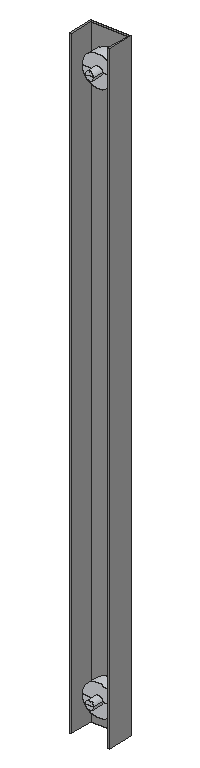
Revit family "НЕВАТОМ_Виброопора VR-KP, Версия 1", category Оборудование, Revit 2017
Family settings
  Размер круглого соединителя = Использовать диаметр
  Тип детали = Нормальный
  На основе рабочей плоскости = Нет
  Всегда вертикально = Да
  При загрузке вырезать с полостями = Нет
  Общий = Нет
  Точка расчета площади = Нет
Parameters (values of type "Виброопора VR-KP")
  Материал = Сталь оцинкованная
  Виброопора = "НЕВАТОМ_Виброопора VR-KP"  # constant formula
  t = 2 mm
  h1 = 0 mm
  h = 0 mm
  d1 = size_lookup(Виброопора, "d1", 30 mm, VRKP)  # 30 mm
  VRKP = 250 mm
  LV_2 = L1 / 2  # 270 mm
  LV_1 = 13 mm
  L1 = size_lookup(Виброопора, "L1", 540 mm, VRKP)  # 540 mm
  L = size_lookup(Виброопора, "L", 600 mm, VRKP)  # 600 mm
  Db = 9 mm
  B1 = size_lookup(Виброопора, "B1", 35 mm, VRKP)  # 35 mm
  B = size_lookup(Виброопора, "B", 39 mm, VRKP)  # 39 mm
  ADSK_Примечание = ""
  ADSK_Обозначение = ""
  ADSK_Наименование = size_lookup(Виброопора, "", "Виброопора VR-KP-250/280", VRKP)  # "Виброопора VR-KP-250/280"
  ADSK_Масса = size_lookup(Виброопора, "M", 0.93, VRKP)  # 0.93
  ADSK_Марка = ""
  ADSK_Количество = 1
  ADSK_Код изделия = ""
  ADSK_Завод-изготовитель = "НЕВАТОМ"
  ADSK_Единица измерения = "шт."
  A1 = size_lookup(Виброопора, "A1", 23 mm, VRKP)  # 23 mm
  A = size_lookup(Виброопора, "A", 25 mm, VRKP)  # 25 mm
Reference planes
  plane 1 "По центру (Вперед/Назад)": y = 0
  plane 2: z = 0
  plane 3 "По центру (Влево/Вправо)": x = 0
  plane 4: x = -19.5
  plane 5: x = 19.5
  plane 6: z = 300
  plane 7: z = -300
  plane 8: x = 17.5
  plane 9: x = -17.5
  plane 10: y = -1.975
  plane 11: y = -25
  plane 12: y = -13.488
Forms (mm)
  Extrusion 1, solid, material "Сталь оцинкованная" <- "Материал"
    sketch origin (0, 0, 0) x (1, 0, 0) y (0, 0, 1)
      loop
        line (19.5, 300) -> (-19.5, 300) -> (-19.5, -300) -> (19.5, -300) -> (19.5, 300)
    from 0 to 25 <- "A"
  Extrusion 2, void
    sketch origin (0, 0, 0) x (1, 0, 0) y (0, 0, 1)
      loop
        circle (0, 270) r 4.5
      loop
        circle (0, -270) r 4.5
    from 0 to 250
  Extrusion 3, void
    sketch origin (0, 0, 0) x (1, 0, 0) y (0, 1, 0)
      loop
        line (-17.5, -25) -> (17.5, -25) -> (17.5, -1.975) -> (-17.5, -1.975) -> (-17.5, -25)
    from -300 to 300
Cuts and joins
  Extrusion 2, Extrusion 3 cuts Extrusion 1
Lines and regions (mm)
  reference lines
    curve 1: line (-19.5, 0, -300) -> (-19.5, 0, 300)
    curve 2: line (19.5, 0, -300) -> (19.5, 0, 300)
    curve 3: line (19.5, 0, -300) -> (-19.5, 0, -300)
    curve 4: line (19.5, 0, 300) -> (-19.5, 0, 300)
Dimensions and locks
  equal spacing: plane 7, level, plane 6
  "L": plane 7 to plane 6
  equal spacing: plane 4, plane 3 "По центру (Влево/Вправо)", plane 5
  "B": plane 4 to plane 5
  equal spacing: Extrusion 2 sketch curve, level, Extrusion 2 sketch curve
  "L1": Extrusion 2 sketch curve to Extrusion 2 sketch curve
  equal spacing: plane 9, plane 3 "По центру (Влево/Вправо)", plane 8
  "B1": plane 9 to plane 8
  equal spacing: plane 10, plane 12, plane 11
  plane 10 to plane 11 = 23.025 mm
  equal spacing: nested 2, level, nested 1
  "Db": diameter of Extrusion 2 sketch curve  (x2)
  aligned and locked: level to plane 2
  aligned and locked: plane 6 to curve 4
  aligned and locked: plane 4 to curve 1
  aligned and locked: plane 5 to curve 2
  aligned and locked: plane 7 to curve 3
  aligned and locked: Extrusion 1 sketch curve to curve 4
  aligned and locked: Extrusion 1 sketch curve to curve 2
  aligned and locked: Extrusion 1 sketch curve to curve 3
  aligned and locked: Extrusion 1 sketch curve to curve 1
  aligned and locked: plane 10 to Extrusion 3 sketch curve
  aligned and locked: plane 9 to Extrusion 3 sketch curve
  aligned and locked: plane 8 to Extrusion 3 sketch curve
  aligned and locked: plane 11 to cut or joined group of Extrusion 1, Extrusion 2, Extrusion 3
  aligned and locked: Extrusion 1 to Extrusion 3
  aligned and locked: Extrusion 3 to curve 1  (x2)
  aligned and locked: nested 1 to cut or joined group of Extrusion 1, Extrusion 2, Extrusion 3
Automatic sketch dimensions
  Extrusion 2 sketch curve to plane 3 "По центру (Влево/Вправо)" = 0 mm  (x2)
  Extrusion 3 sketch curve to plane 11 = 0 mm
Nested families
  nested 1: "НЕВАТОМ_Виброизолятор, Версия 1" at (0, -15, 270), built-in parameter 1001364 <- "LV_2", type "НЕВАТОМ_Виброизолятор, Версия 1"
  nested 2: "НЕВАТОМ_Виброизолятор, Версия 1" at (0, -15, -270), type "НЕВАТОМ_Виброизолятор, Версия 1"
Definition of nested family "НЕВАТОМ_Виброизолятор, Версия 1"
  Reference planes
    plane 1 "По центру (Вперед/Назад)": y = 0
    plane 2: z = 0
    plane 3 "По центру (Влево/Вправо)": x = 0
  Forms (mm)
    Revolve 1, solid
      sketch origin (0, 0, 0) x (1, 0, 0) y (0, 1, 0)
        loop
          line (-0.002, -10) -> (-0.002, 25.704) -> (-2.298, 25.704) -> (-2.298, 21.742) -> (-4.813, 21.742) -> (-4.813, 18.772) -> (-4.005, 17.964) -> (-4.005, 16.003) -> (-6.003, 16.003) -> (-6.003, 15) -> (-15, 15) -> (-15, 0) -> (-4.005, 0) -> (-4.005, -10) -> (-0.002, -10)
        axis (0, 25.704) -> (0, -10)
      angle from 0 to 360
  Lines and regions (mm)
    reference lines
      curve 1: line (0, 0, 0) -> (-15, 0, 0)
      curve 2: line (-15, 0, 0) -> (-15, 15, 0)
      curve 3: line (-15, 15, 0) -> (15, 15, 0)
      curve 4: line (15, 15, 0) -> (15, 0, 0)
      curve 5: line (15, 0, 0) -> (0, 0, 0)
      curve 6: line (-4.005, 0, 0) -> (-4.005, -10, 0)
      curve 7: line (-4.005, -10, 0) -> (3.969, -10, 0)
      curve 8: line (3.969, -10, 0) -> (3.969, 0, 0)
      curve 9: line (-6.003, 15, 0) -> (-6.003, 16.003, 0)
      curve 10: line (-6.003, 16.003, 0) -> (6, 16.003, 0)
      curve 11: line (6, 16.003, 0) -> (6, 15, 0)
      curve 12: line (-4.005, 16.003, 0) -> (-4.005, 17.964, 0)
      curve 13: line (-4.005, 17.964, 0) -> (3.969, 17.964, 0)
      curve 14: line (3.969, 17.964, 0) -> (3.969, 16.003, 0)
      curve 15: line (-4.005, 17.964, 0) -> (-4.813, 18.772, 0)
      curve 16: line (-4.813, 18.772, 0) -> (-4.813, 21.742, 0)
      curve 17: line (-4.813, 21.742, 0) -> (4.805, 21.742, 0)
      curve 18: line (3.969, 17.964, 0) -> (4.805, 18.8, 0)
      curve 19: line (4.805, 18.8, 0) -> (4.805, 21.742, 0)
      curve 20: line (-2.298, 21.742, 0) -> (-2.298, 25.704, 0)
      curve 21: line (-2.298, 25.704, 0) -> (2.293, 25.704, 0)
      curve 22: line (2.293, 25.704, 0) -> (2.293, 21.742, 0)
  Dimensions and locks
    aligned and locked: level to plane 2
